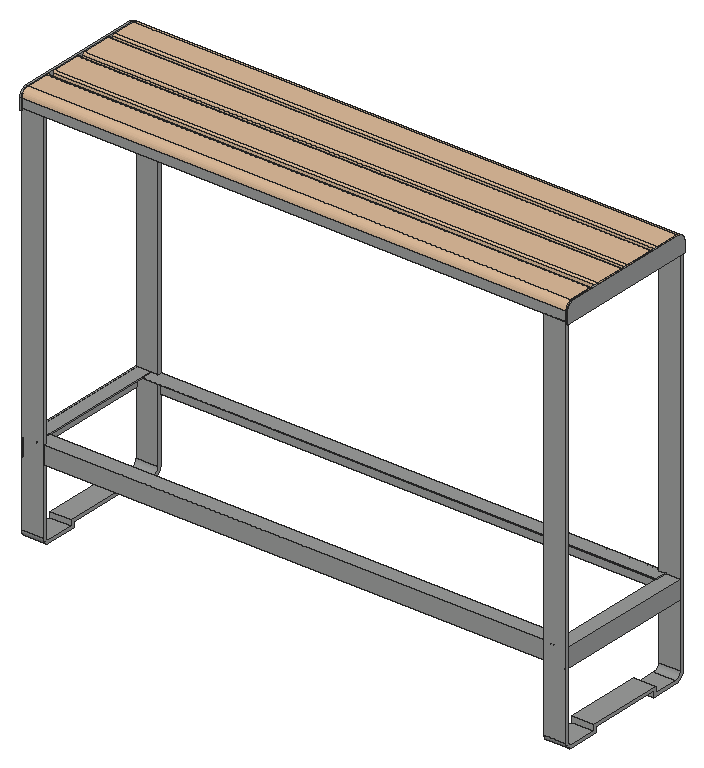
Revit family "1211-S-L", category Meble, Revit 2021
Family settings
  Numer OmniClass = 23.40.20.00
  Tytuł OmniClass = General Furniture and Specialties
  Oparty na płaszczyźnie roboczej = Nie
  Zawsze pionowo = Tak
  Tnij formami wycięć po wczytaniu = Nie
  Współdzielony = Nie
  Punkt obliczania pomieszczeń = Nie
Parameters (values of type "61211-S-L")
  wood = Mobilis Design Wood - Larch
  metal = Mobilis Design RAL 9023
  Width = "40 cm"
  Weight = "45 kg"
  URL = ""
  Product line = "Tucana"
  Product Groups = ""
  Manufacturer = ""
  Keynote = ""
  Description = ""
  Model = "1211-S-L"
  Material = ""
  Maintenance = ""
  Lenght = "150 cm"
  Type Comments = ""
  Mobilis Design Materials = ""
  Hosted on = ""
  Height = "110 cm"
  Domyślna rzędna = 0 mm
  Copyright = "All designs and drawings are the common intellectual property of Lars Laj A/S and Tress and are protected by Danish and international copyright laws."
Reference planes
  plane 1 "front": y = 0
  plane 2: z = 0
  plane 3 "Środek (Lewa/Prawa)": x = 0
  plane 4: z = 1057.23
Forms (mm)
  Extrusion 1, solid, material "Mobilis Design Wood - Larch" <- "wood"
    sketch origin (0, -253.618, 670.21) x (0, 1, 0) y (0, 0, 1)
      loop
        arc (263.304, 429.703) -> (259.768, 428.239) -> (258.304, 424.703) r 5
        line (258.304, 424.703) -> (258.304, 388.972)
        arc (258.304, 388.972) -> (258.878, 387.586) -> (260.264, 387.012) r 1.96
        line (260.264, 387.012) -> (346.304, 387.012)
        arc (346.304, 387.012) -> (347.718, 387.598) -> (348.304, 389.012) r 2
        line (348.304, 389.012) -> (348.304, 424.703)
        arc (348.304, 424.703) -> (346.839, 428.239) -> (343.304, 429.703) r 5
        line (343.304, 429.703) -> (263.304, 429.703)
    from -745.625 to 745.937
  Extrusion 2, solid, material "Mobilis Design Wood - Larch" <- "wood"
    sketch origin (0, -356.068, 670.21) x (0, 1, 0) y (0, 0, 1)
      loop
        arc (263.253, 429.703) -> (259.718, 428.239) -> (258.253, 424.703) r 5
        line (258.253, 424.703) -> (258.253, 388.972)
        arc (258.253, 388.972) -> (258.827, 387.586) -> (260.213, 387.012) r 1.96
        line (260.213, 387.012) -> (346.253, 387.012)
        arc (346.253, 387.012) -> (347.668, 387.598) -> (348.253, 389.012) r 2
        line (348.253, 389.012) -> (348.253, 424.703)
        arc (348.253, 424.703) -> (346.789, 428.239) -> (343.253, 429.703) r 5
        line (343.253, 429.703) -> (263.253, 429.703)
    from -745.625 to 745.937
  Extrusion 3, solid, material "Mobilis Design Wood - Larch" <- "wood"
    sketch origin (0, -458.568, 670.21) x (0, 1, 0) y (0, 0, 1)
      loop
        arc (275.801, 429.704) -> (261.616, 423.828) -> (255.74, 409.642) r 20.061
        line (255.74, 409.642) -> (258.916, 409.642) -> (258.916, 387.013) -> (343.754, 387.013)
        arc (343.754, 387.013) -> (345.168, 387.598) -> (345.753, 389.012) r 1.999
        line (345.753, 389.012) -> (345.753, 424.706)
        arc (345.753, 424.706) -> (344.29, 428.24) -> (340.756, 429.704) r 4.998
        line (340.756, 429.704) -> (275.801, 429.704)
    from -745.625 to 745.937
  Extrusion 4, solid, material "Mobilis Design RAL 9023" <- "metal", not visible
    sketch origin (0, 0, 0) x (0, 1, 0) y (0, 0, 1)
      loop
        arc (71.187, 451.5) -> (57.045, 445.642) -> (51.187, 431.5) r 20
        line (51.187, 431.5) -> (51.187, 18.231)
        arc (51.187, 18.231) -> (56.527, 5.34) -> (69.418, 0) r 18.231
        line (69.418, 0) -> (153.638, 0) -> (153.638, 15) -> (448.638, 15) -> (448.638, 0) -> (527.023, 0)
        arc (527.023, 0) -> (542.307, 6.331) -> (548.638, 21.615) r 21.615
        line (548.638, 21.615) -> (548.638, 429.407)
        arc (548.638, 429.407) -> (542.168, 445.029) -> (526.545, 451.5) r 22.093
        line (526.545, 451.5) -> (71.187, 451.5)
    from 750.378 to 745
  Extrusion 5, solid, material "Mobilis Design RAL 9023" <- "metal", not visible
    sketch origin (0, 0, 0) x (0, 1, 0) y (0, 0, 1)
      loop
        line (548.638, 396.844) -> (629.375, 854.725) -> (601.836, 859.581)
        arc (601.836, 859.581) -> (585.224, 855.898) -> (576.082, 841.547) r 22.232
        line (576.082, 841.547) -> (507.306, 451.5) -> (526.545, 451.5)
        arc (526.545, 451.5) -> (542.168, 445.029) -> (548.638, 429.407) r 22.093
        line (548.638, 429.407) -> (548.638, 396.844)
    from 745 to 750.378
  Extrusion 6, solid, material "Mobilis Design RAL 9023" <- "metal"
    sketch origin (0, -253.588, 0) x (0, -1, 0) y (0, 0, 1)
      loop
        line (-71.187, 1099.913) -> (-429.045, 1099.913)
        arc (-429.045, 1099.913) -> (-444.668, 1093.442) -> (-451.138, 1077.82) r 22.093
        line (-451.138, 1077.82) -> (-451.138, 1048.5) -> (-51.187, 1048.5) -> (-51.187, 1079.913)
        arc (-51.187, 1079.913) -> (-57.045, 1094.055) -> (-71.187, 1099.913) r 20
    from 750.725 to 745.625
  Extrusion 7, solid, material "Mobilis Design RAL 9023" <- "metal"
    sketch origin (0, -253.588, 0) x (0, 1, 0) y (0, 0, 1)
      loop
        line (451.138, 23.296) -> (451.138, 1054.5) -> (51.187, 1054.5) -> (51.187, 18.763)
        arc (51.187, 18.763) -> (56.683, 5.495) -> (69.95, 0) r 18.763
        line (69.95, 0) -> (153.638, 0) -> (153.638, 15) -> (351.138, 15) -> (351.138, 0) -> (427.842, 0)
        arc (427.842, 0) -> (444.315, 6.823) -> (451.138, 23.296) r 23.296
      loop
        line (58.687, 1048.5) -> (58.687, 18.763)
        arc (58.687, 18.763) -> (61.986, 10.799) -> (69.95, 7.5) r 11.263
        line (69.95, 7.5) -> (146.138, 7.5) -> (146.138, 22.5) -> (358.638, 22.5) -> (358.638, 7.5) -> (427.842, 7.5)
        arc (427.842, 7.5) -> (439.012, 12.127) -> (443.638, 23.296) r 15.796
        line (443.638, 23.296) -> (443.638, 1048.5) -> (58.687, 1048.5)
    from -745.625 to -685.625
  Extrusion 8, solid, material "Mobilis Design RAL 9023" <- "metal"
    sketch origin (0, -253.588, 648.75) x (0, 1, 0) y (0, 0, 1)
      loop
        line (53.936, 431.102) -> (51.187, 431.102) -> (51.187, 405.75) -> (75.655, 405.75) -> (75.655, 408.472) -> (53.936, 408.472) -> (53.936, 431.102)
    from -745.625 to 745.937
  Extrusion 9, solid, material "Mobilis Design Wood - Larch" <- "wood"
    sketch origin (0, 452.916, 670.21) x (0, -1, 0) y (0, 0, -1)
      loop
        line (275.801, -429.704) -> (340.733, -429.704)
        arc (340.733, -429.704) -> (344.267, -428.24) -> (345.731, -424.706) r 4.998
        line (345.731, -424.706) -> (345.731, -389.012)
        arc (345.731, -389.012) -> (345.145, -387.598) -> (343.731, -387.013) r 1.999
        line (343.731, -387.013) -> (258.705, -387.013) -> (258.705, -409.642) -> (255.74, -409.642)
        arc (255.74, -409.642) -> (261.616, -423.828) -> (275.801, -429.704) r 20.061
    from -745.625 to 745.938
  Extrusion 10, solid, material "Mobilis Design RAL 9023" <- "metal"
    sketch origin (0, -253.588, 0) x (0, 1, 0) y (0, 0, -1)
      loop
        arc (451.138, -23.296) -> (444.315, -6.823) -> (427.842, 0) r 23.296
        line (427.842, 0) -> (351.138, 0) -> (351.138, -15) -> (153.638, -15) -> (153.638, 0) -> (69.95, 0)
        arc (69.95, 0) -> (56.683, -5.495) -> (51.187, -18.763) r 18.763
        line (51.187, -18.763) -> (51.187, -1054.5) -> (451.138, -1054.5) -> (451.138, -23.296)
      loop
        line (58.687, -1048.5) -> (443.638, -1048.5) -> (443.638, -23.296)
        arc (443.638, -23.296) -> (439.012, -12.127) -> (427.842, -7.5) r 15.796
        line (427.842, -7.5) -> (358.638, -7.5) -> (358.638, -22.5) -> (146.138, -22.5) -> (146.138, -7.5) -> (69.95, -7.5)
        arc (69.95, -7.5) -> (61.986, -10.799) -> (58.687, -18.763) r 11.263
        line (58.687, -18.763) -> (58.687, -1048.5)
    from -745.625 to -685.625
  Extrusion 11, solid, material "Mobilis Design RAL 9023" <- "metal"
    sketch origin (0, 248.896, 648.75) x (0, -1, 0) y (0, 0, -1)
      loop
        line (53.936, -431.102) -> (53.936, -408.472) -> (75.655, -408.472) -> (75.655, -405.75) -> (51.187, -405.75) -> (51.187, -431.102) -> (53.936, -431.102)
    from -745.625 to 745.937
  Extrusion 12, solid, material "Mobilis Design RAL 9023" <- "metal"
    sketch origin (0, -253.588, 0) x (0, -1, 0) y (0, 0, -1)
      loop
        arc (-71.187, -1099.913) -> (-57.045, -1094.055) -> (-51.187, -1079.913) r 20
        line (-51.187, -1079.913) -> (-51.187, -1048.5) -> (-451.138, -1048.5) -> (-451.138, -1077.82)
        arc (-451.138, -1077.82) -> (-444.668, -1093.442) -> (-429.045, -1099.913) r 22.093
        line (-429.045, -1099.913) -> (-71.187, -1099.913)
    from 750.725 to 745.625
  Extrusion 13, solid, material "Mobilis Design RAL 9023" <- "metal"
    sketch origin (0, 352.144, 0) x (0, 1, 0) y (0, 0, 1)
      loop
        line (-195.107, 247.533) -> (-156.525, 247.533) -> (-156.525, 199.948) -> (-154.509, 199.948) -> (-154.509, 249.533) -> (-195.107, 249.533) -> (-195.107, 247.533)
    from -704.756 to 704.756
  Extrusion 14, solid, material "Mobilis Design RAL 9023" <- "metal"
    sketch origin (0, -354.889, 0) x (0, -1, 0) y (0, 0, -1)
      loop
        line (-195.107, -247.533) -> (-195.107, -249.533) -> (-154.509, -249.533) -> (-154.509, -199.948) -> (-156.525, -199.948) -> (-156.525, -247.533) -> (-195.107, -247.533)
    from -704.756 to 704.756
  Extrusion 15, solid, material "Mobilis Design RAL 9023" <- "metal"
    sketch origin (899.862, -180.136, 0) x (1, 0, 0) y (0, 0, -1)
      loop
        line (-195.107, -247.533) -> (-195.107, -249.533) -> (-154.509, -249.533) -> (-154.509, -199.948) -> (-156.525, -199.948) -> (-156.525, -247.533) -> (-195.107, -247.533)
    from -22.202 to 374.347
  Extrusion 16, solid, material "Mobilis Design RAL 9023" <- "metal"
    sketch origin (-899.862, -180.136, 0) x (-1, 0, 0) y (0, 0, 1)
      loop
        line (-195.107, 247.533) -> (-156.525, 247.533) -> (-156.525, 199.948) -> (-154.509, 199.948) -> (-154.509, 249.533) -> (-195.107, 249.533) -> (-195.107, 247.533)
    from -22.202 to 374.347
  Extrusion 17, solid, material "Kobenhagen RAL 5012"
    sketch origin (0, -202.338, 0) x (1, 0, 0) y (0, 1, 0)
      loop
        line (28.705, 24.405) -> (28.705, 375.579) -> (-31.295, 375.579) -> (-31.295, 24.405) -> (28.705, 24.405)
    from 1054.5 to 1057.222
Lines and regions (mm)
  model lines, style "8"
    curve 1: line (0, -170.5, 1054) -> (0, -158, 1054)
    curve 2: line (0, -170.5, 1054) -> (0, -158, 1054)
  model lines, style "9"
    curve 3: line (0, -245.5, 21) -> (0, -239.5, 21)
    curve 4: line (0, -445.5, 21) -> (0, -451.5, 21)
Dimensions and locks
  Extrusion 1 sketch curve to Extrusion 1 sketch curve = 90 mm
  Extrusion 1 sketch curve to Extrusion 1 sketch curve = 42.691 mm
  Extrusion 2 sketch curve to Extrusion 2 sketch curve = 90 mm
  Extrusion 2 sketch curve to Extrusion 2 sketch curve = 42.691 mm
  Extrusion 3 sketch curve to Extrusion 3 sketch curve = 42.691 mm
  Extrusion 9 sketch curve to Extrusion 9 sketch curve = 42.691 mm
  aligned and locked: level to plane 2
